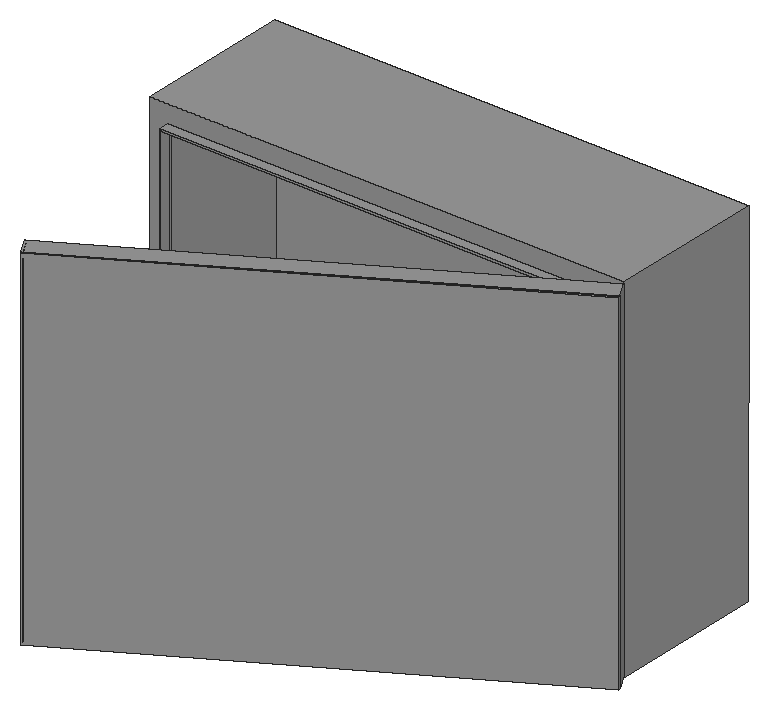
Revit family "Hager-Orion_Inox-IP66-D150-Cl.I-Inox_encl-630A-300mm-NoHosted-PL-pl", category Equipement électrique, Revit 2020
Family settings
  Configuration du panneau = Deux colonnes, circuits au sein
  Cote de connecteur circulaire = Utiliser le diamètre
  Type d'élément = Tableau de raccordement
  Basée sur le plan de construction = Oui
  Toujours verticalement = Oui
  Couper avec des vides une fois chargée = Non
  Partagée = Non
  Point de calcul de pièce = Non
Parameters (values of type "Montaż natynkowy IP66 S400 W300 G150  - FL013BWL")
  Width Control [instance] = if([EF000008 - Szerokość] > Min Width, [EF000008 - Szerokość], Min Width)  # 400 mm
  Commentaires du type = [HG000003 - Zakres]  # "Orion Inox"
  Thickness Door [instance] = if([EF009171 - Drzwi/pokrywa z materiału o wysokiej wytrzymałości mechanicznej] > 3 mm, 3 mm, [EF009171 - Drzwi/pokrywa z materiału o wysokiej wytrzymałości mechanicznej])  # 1.5 mm
  Seal Frame Offset [instance] = 17 mm  # constant formula
  Min Width [instance] = 100 mm  # constant formula
  Min Depth [instance] = (2 * [EF009170 - Obudowa z materiału o wysokiej wytrzymałości mechanicznej]) + 1 mm  # 4 mm
  Min Height [instance] = 100 mm  # constant formula
  Internal Frame Depth [instance] = -(Door System Depth * 0.5)  # -9 mm
  Panel Name [instance] = ""  # (empty or 0)
  Model = ""
  HG000027 - Wysokość cokołu = 0 mm
  HG000026 - Stojąca = no
  HG000024 - Wysokość części dolnej = 600 mm
  HG000023 - Obudowa dwusekcyjna = no
  HG000016 - Widoczność drzwi w widoku 3D [instance] = yes
  HG000015 - Przestrzeń robocza - otwarcie drzwi [instance] = no
  HG000014 - Drzwi prawe [instance] = yes
  HG000013 - Drzwi lewe [instance] = not([HG000014 - Drzwi prawe])  # no
  HG000012 - Kąt otwarcia drzwi [instance] = 30.00°
  HG000010 - Drzwi asymetryczne = no
  HG000009 - Drzwi dwuskrzydłowe = no
  HG000006 - Montaż podtynkowy = no
  HG000004 - Referencja producenta = "FL013BWL"
  HG000003 - Zakres = "Orion Inox"
  HG000002 - Z drzwiami lub pokrywą = yes
  Frame Offset Bottom [instance] = 10 mm  # constant formula
  Frame Offset [instance] = 15 mm  # constant formula
  EF015940 - Pokrywa z wyzwalaczem nadciśnieniowym = no
  EF011959 - Stopień ochrony (NEMA) = ""
  EF009554 - Liczba otworów pod flansze = 0
  EF009212 - Wykonanie pokrywy = "EV000116 - Zamknięty"
  EF009171 - Drzwi/pokrywa z materiału o wysokiej wytrzymałości mechanicznej = 1.5 mm
  EF009170 - Obudowa z materiału o wysokiej wytrzymałości mechanicznej = 1.5 mm
  EF008873 - Prąd znamionowy (In) = 630 A
  EF007800 - Do ochrony odgromowej = no
  EF006306 - Z zamkiem = yes
  EF006244 - Transparentna pokrywa/drzwi = no
  EF005474 - Stopień ochrony (IP) = "EV006422 - IP66"
  EF004464 - Rodzaj drzwi = "EV002646 - Pojedynczy"
  EF004427 - Liczba modułów = 0
  EF004293 - Odporność udarowa = "EV008784 - IK10"
  EF003532 - Do zastosowań zewnętrznych = yes
  EF002950 - Szerokość wyrażona liczbą modułów = 0
  EF001613 - Podtrzymanie funkcji = "EV000494 - Brak"
  EF001596 - Materiał obudowy = "EV000166 - Stal nierdzewna"
  EF001131 - Głębokość wewnętrzna = 116 mm
  EF001088 - Możliwość rozbudowy = yes
  EF000437 - Liczba wejść kablowych = 0
  EF000339 - Rodzaj pokrywy = "EV004216 - Drzwi"
  EF000266 - Liczba rzędów = 0
  EF000218 - Głębokość wbudowania = 0 mm
  EF000118 - Z płytą montażową = no
  EF000116 - Numer RAL = ""
  EF000049 - Głębokość = 150 mm
  EF000040 - Wysokość = 300 mm
  EF000008 - Szerokość = 400 mm
  EF000007 - Kolor = "EV000154 - Inne"
  EF000003 - Sposób montażu = "EV000384 - Montaż natynkowy"
  Door System Leaf Tolerance [instance] = 1.5 mm  # constant formula
  Door System Depth [instance] = 18 mm  # constant formula
  Description = ""
  Default Elevation = 1219.2 mm
  Connector Offset [instance] = Height Control / 2  # 150 mm
  Fabricant = "Hager"  # constant formula
  Height Control [instance] = if([EF000040 - Wysokość] > Min Height, [EF000040 - Wysokość], Min Height)  # 300 mm
  Depth Control [instance] = if([EF000049 - Głębokość] > Min Depth, [EF000049 - Głębokość], Min Depth)  # 150 mm
Types (4, lengths in mm): name | Width Control | HG000004 - Referencja producenta | EF009212 - Wykonanie pokrywy | EF006306 - Z zamkiem | EF001613 - Podtrzymanie funkcji | EF000008 - Szerokość
  Montaż natynkowy IP66 S200 W300 G150  - FL010BW | 200 | "FL010BW" | "EV009916 - Z otworem" | no | "" | 200
  Montaż natynkowy IP66 S200 W300 G150  - FL010BWL | 200 | "FL010BWL" | "EV009916 - Z otworem" | no | "" | 200
  Montaż natynkowy IP66 S400 W300 G150  - FL013BW | 400 | "FL013BW" | "EV000116 - Zamknięty" | yes | "EV000494 - Brak" | 400
  Montaż natynkowy IP66 S400 W300 G150  - FL013BWL | 400 | "FL013BWL" | "EV000116 - Zamknięty" | yes | "EV000494 - Brak" | 400
Reference planes
  plane 1 "Center (Front/Back)": y = 0
  plane 2: z = 0
  plane 3 "Center (Left/Right)": x = 0
  plane 4: y = 0
  plane 5: y = 0
  plane 6: z = 0
  plane 7: x = -200
  plane 8: x = 200
  plane 9: x = 198.5
  plane 10: x = -198.5
  plane 11: z = 0
  plane 12: z = 1.5
  plane 13: y = -150
  plane 14: y = -1.5
  plane 15: x = 0
  plane 16: y = -132
  plane 17: y = -148.5
  plane 18: y = -130.5
  plane 19: x = -183.5
  plane 20: x = 183.5
  plane 21: z = 11.5
  plane 22: x = -183
  plane 23: x = 183
  plane 24: z = 0
  plane 25: z = 300
  plane 26: z = 300
  plane 27: z = 283.5
  plane 28: z = 298.5
Forms (mm)
  Extrusion 1, solid, material "Hager_Stainless_Steel", detail levels medium+fine
    sketch origin (-208.679, -4572, 0) x (-1, 0, 0) y (0, -1, 0)
      loop
        line (-8.679, -4440) -> (-408.679, -4440) -> (-408.679, -4572) -> (-8.679, -4572) -> (-8.679, -4440)
    from 0 to 300
  Extrusion 2, void
    sketch origin (-350.771, -150, 1219.2) x (1, 0, 0) y (0, 0, 1)
      loop
        line (152.271, -920.7) -> (152.271, -1217.7) -> (549.271, -1217.7) -> (549.271, -920.7) -> (152.271, -920.7)
    from -19.5 to -148.5
  Extrusion 3, void
    sketch origin (-290.084, -132, 1219.2) x (1, 0, 0) y (0, 0, 1)
      loop
        line (106.584, -1207.7) -> (473.584, -1207.7) -> (473.584, -935.7) -> (106.584, -935.7) -> (106.584, -1207.7)
    from 0 to -1.5
  Extrusion 4, solid, material "Hager_Stainless_Steel", detail levels fine
    sketch origin (-290.084, -132, 1219.2) x (-1, 0, 0) y (0, 0, 1)
      loop
        line (-473.584, -1207.7) -> (-106.584, -1207.7) -> (-106.584, -935.7) -> (-473.584, -935.7) -> (-473.584, -1207.7)
      loop
        line (-475.084, -1209.2) -> (-105.084, -1209.2) -> (-105.084, -934.2) -> (-475.084, -934.2) -> (-475.084, -1209.2)
    from 0 to -9 <- "Internal Frame Depth"
  Extrusion 5, solid, material "Hager_Stainless_Steel", detail levels coarse
    sketch origin (0, 0, 0) x (1, 0, 0) y (0, 1, 0)
      loop
        line (-200, 0) -> (-200, -150) -> (200, -150) -> (200, 0) -> (-200, 0)
    from 0 to 300 <- "Height Control"
Cuts and joins
  Extrusion 2, Extrusion 3 cuts Extrusion 1
Lines and regions (mm)
  Masking region 1
    outline origin (0, 0, 0) x (1, 0, 0) y (0, 1, 0)
      loop
        line (-200, 0) -> (-200, -150) -> (200, -150) -> (200, 0) -> (-200, 0)
  Masking region 2
    outline origin (-290.084, -132, 1219.2) x (-1, 0, 0) y (0, 0, 1)
      loop
        line (-490.084, -1219.2) -> (-90.084, -1219.2) -> (-90.084, -919.2) -> (-490.084, -919.2) -> (-490.084, -1219.2)
  Masking region 3, detail levels coarse
    outline origin (0, 0, 0) x (0, 1, 0) y (0, 0, 1)
      loop
        line (0, 0) -> (0, 300) -> (-150, 300) -> (-150, 0) -> (0, 0)
  Masking region 4, detail levels medium+fine
    outline origin (0, 0, 594.038) x (0, 1, 0) y (0, 0, 1)
      loop
        line (0, -594.038) -> (0, -294.038) -> (-132, -294.038) -> (-132, -594.038) -> (0, -594.038)
Dimensions and locks
  locked: plane 1 "Center (Front/Back)" to plane 5
  "EF009170 - Obudowa z materiału o wysokiej wytrzymałości mechanicznej": plane 7 to plane 10
  "EF009170 - Obudowa z materiału o wysokiej wytrzymałości mechanicznej": plane 8 to plane 9
  equal spacing: plane 7, plane 3 "Center (Left/Right)", plane 8
  "Width Control": plane 7 to plane 8
  "Depth Control": plane 4 to plane 13
  "EF009170 - Obudowa z materiału o wysokiej wytrzymałości mechanicznej": plane 4 to plane 14
  "Height Control": plane 25 to level
  "EF009170 - Obudowa z materiału o wysokiej wytrzymałości mechanicznej": plane 12 to plane 11
  "EF009170 - Obudowa z materiału o wysokiej wytrzymałości mechanicznej": plane 17 to plane 13
  "EF009170 - Obudowa z materiału o wysokiej wytrzymałości mechanicznej": plane 18 to plane 16
  "Frame Offset Bottom": plane 21 to plane 12
  "Frame Offset": plane 10 to plane 19
  "Frame Offset": plane 9 to plane 20
  "Door System Depth": plane 16 to plane 13
  "Seal Frame Offset": plane 7 to plane 22
  "Seal Frame Offset": plane 8 to plane 23
  "EF009170 - Obudowa z materiału o wysokiej wytrzymałości mechanicznej": plane 26 to plane 28
  "Frame Offset": plane 28 to plane 27
  "Connector Offset": plane 2 to connector elem
  "Thickness Door": cut or joined group of Extrusion 1, Extrusion 2, Extrusion 3 to Extrusion 4 sketch curve
  "Thickness Door": Extrusion 4 sketch curve to plane 19
  "Thickness Door": Extrusion 4 sketch curve to plane 20
  "Thickness Door": Extrusion 4 sketch curve to plane 27
  aligned and locked: plane 12 to Extrusion 2 sketch curve
  aligned and locked: Extrusion 2 sketch curve to plane 9
  aligned and locked: Extrusion 2 sketch curve to plane 10
  aligned and locked: plane 14 to Extrusion 2
  aligned and locked: plane 4 to Extrusion 1 sketch curve
  aligned and locked: plane 8 to Extrusion 1 sketch curve
  aligned and locked: plane 7 to Extrusion 1 sketch curve
  aligned and locked: Extrusion 2 to plane 18
  aligned and locked: plane 19 to Extrusion 3 sketch curve
  aligned and locked: plane 20 to Extrusion 3 sketch curve
  aligned and locked: Extrusion 3 to Extrusion 2
  aligned and locked: Extrusion 3 sketch curve to plane 21
  aligned and locked: plane 3 "Center (Left/Right)" to nested 1
  aligned and locked: Extrusion 1 sketch curve to plane 16
  aligned and locked: Masking region 1 sketch curve to plane 7
  aligned and locked: Masking region 1 sketch curve to plane 5
  aligned and locked: Masking region 1 sketch curve to plane 8
  aligned and locked: Masking region 2 sketch curve to level
  aligned and locked: level to Masking region 3 sketch curve
  aligned and locked: plane 1 "Center (Front/Back)" to Masking region 3 sketch curve
  aligned and locked: plane 13 to Masking region 3 sketch curve
  aligned and locked: Masking region 2 sketch curve to plane 8
  aligned and locked: Masking region 2 sketch curve to plane 7
  aligned and locked: plane 7 to nested 2
  aligned and locked: nested 2 to plane 5
  aligned and locked: plane 5 to Masking region 4 sketch curve
  aligned and locked: plane 26 to Masking region 4 sketch curve
  aligned and locked: Extrusion 5 sketch curve to plane 8
  aligned and locked: Extrusion 5 sketch curve to plane 7
  aligned and locked: Extrusion 5 sketch curve to plane 5
  aligned and locked: plane 27 to Extrusion 3 sketch curve
  aligned and locked: Extrusion 2 sketch curve to plane 28
  aligned and locked: plane 27 to Extrusion 4 sketch curve
  aligned and locked: Extrusion 4 sketch curve to plane 20
  aligned and locked: plane 21 to Extrusion 4 sketch curve
  aligned and locked: Extrusion 4 sketch curve to plane 19
  aligned and locked: Masking region 2 to plane 25
  aligned and locked: Masking region 4 sketch curve to plane 24
  aligned and locked: Masking region 1 to plane 13
  aligned and locked: nested 1 to plane 16
  aligned and locked: Masking region 3 to plane 25
  aligned and locked: Masking region 4 sketch curve to plane 16
  aligned and locked: plane 24 to plane 11
  aligned and locked: plane 26 to plane 25
  aligned and locked: level to plane 24
  aligned and locked: Extrusion 1 to Masking region 3
  aligned and locked: level to nested 1
Automatic sketch dimensions
  Extrusion 5 sketch curve to plane 13 = 0 mm
  plane 27 to Masking region 2 sketch curve = 16.5 mm
  plane 27 to Masking region 3 sketch curve = 16.5 mm
  Masking region 1 sketch curve to plane 13 = 0 mm
  Extrusion 3 sketch curve to plane 21 = 0 mm
  plane 19 to Extrusion 3 sketch curve = 0 mm
  Extrusion 3 sketch curve to plane 20 = 0 mm
Nested families
  nested 1: "EC000058_OrionInox_Door" at (0, -132, 0), Double <- "HG000009 - Drzwi dwuskrzydłowe", Transparent <- "EF006244 - Transparentna pokrywa/drzwi", Angle <- "HG000012 - Kąt otwarcia drzwi", Door_Right <- "HG000014 - Drzwi prawe", Assymetrical <- "HG000010 - Drzwi asymetryczne", Door <- "HG000002 - Z drzwiami lub pokrywą", Width_Ctrl <- "Width Control", 3d_Door <- "HG000016 - Widoczność drzwi w widoku 3D", Clearance <- "HG000015 - Przestrzeń robocza - otwarcie drzwi", Door_Left <- "HG000013 - Drzwi lewe", Width <- "Width Control", Door_Depth <- "Door System Depth", Leaf_Tolerance <- "Door System Leaf Tolerance", Height <- "Height Control", Thickness <- "Thickness Door", type "EC000058_OrionInox_Door", detail levels medium+fine
    with min_wh 4 mm, Width_Ctrl 400 mm, Width 400 mm, Transparent no, Thickness 1.5 mm, Seal_Material Hager_Rubber, Leaf_Width 400 mm, Leaf_Tolerance_External_Sides 0 mm, Leaf_Tolerance 1.5 mm, Leaf_Offset 0 mm, Leaf_Height 297 mm, Leaf_2_Width 400 mm, Leaf_2_Offset 200 mm, Leaf_1_Width 400 mm, Leaf_1_Offset 200 mm, Height_Ctrl 300 mm, Height 300 mm, Glass_Material Hager_Glass, Double_Clearance_Ctrl no, Double no, Door_Right_Ctrl yes, Door_Right yes, Door_Material Hager_Stainless_Steel, Door_Left_Ctrl no, Door_Left no, Door_Depth 18 mm, Door yes, Clearance_Material Hager_Clearance, Clearance_Depth 400 mm, Clearance_Ctrl no, Clearance no, Assymetrical no, Angle 30.00°, 3d_Door yes
  nested 2: "Hager_Enclosure_Symbol" at (-200, 0, 0), Height <- "Depth Control", Width <- "Width Control", type "Hager_Enclosure_Symbol"
    with Width_Ctrl 400 mm, Width 400 mm, Height_Ctrl 150 mm, Height 150 mm, A_Width_Int 9.844 mm, A_Width 118.125 mm, A_Height_Ctrl 131.25 mm, A_Height 131.25 mm
Connectors
  electrical at (0, 0, 150)
    settings: on plane 1 "Center (Front/Back)", index 1, voltage 0 V, apparent load 0 VA, apparent load phase1 0 VA, apparent load phase2 0 VA, apparent load phase3 0 VA, power factor 1, load classification "Other", number of poles 1, system type 30, power factor state 1, is connector primary yes, connector utility no, sub classification motor no, connector description ""
Definition of nested family "EC000058_OrionInox_Door"
  Parameters (values of type "EC000058_OrionInox_Door")
    min_wh [instance] = (2 * Thickness) + 1 mm  # 11 mm
    Width_Ctrl [instance] = 400 mm
    Width [instance] = 500 mm
    Transparent [instance] = yes
    Thickness [instance] = 5 mm
    Seal_Material [instance] = none
    Leaf_Width [instance] = if((Width_Ctrl - 2 * Leaf_Tolerance_External_Sides) > 0 mm, (Width_Ctrl - 2 * Leaf_Tolerance_External_Sides), min_wh)  # 400 mm
    Leaf_Tolerance_External_Sides [instance] = 0 mm  # constant formula
    Leaf_Tolerance [instance] = 1.5 mm
    Leaf_Offset [instance] = 0 mm  # constant formula
    Leaf_Height [instance] = if((Height_Ctrl - 2 * Leaf_Tolerance) > 0 mm, (Height_Ctrl - 2 * Leaf_Tolerance), min_wh)  # 497 mm
    Leaf_2_Width [instance] = if(and(and(Double, Assymetrical), Door_Left), (Leaf_Width / 3) - (Leaf_Tolerance / 2), if(and(and(Double, Assymetrical), Door_Right), (Leaf_Width / 3) * 2 - (Leaf_Tolerance / 2), if(and(Double, not(Assymetrical)), (Leaf_Width / 2) - Leaf_Tolerance, Leaf_Width)))  # 400 mm
    Leaf_2_Offset [instance] = if(and(Double, Assymetrical), Leaf_2_Width / 2, if(and(Double, not(Assymetrical)), Leaf_Width / 4, Leaf_Width / 2))  # 200 mm
    Leaf_1_Width [instance] = if(and(and(Double, Assymetrical), Door_Right), (Leaf_Width / 3) - (Leaf_Tolerance / 2), if(and(and(Double, Assymetrical), Door_Left), (Width / 3) * 2 - (Leaf_Tolerance / 2), if(and(Double, not(Assymetrical)), (Leaf_Width / 2) - Leaf_Tolerance, Leaf_Width)))  # 400 mm
    Leaf_1_Offset [instance] = if(and(Double, Assymetrical), Leaf_1_Width / 2, if(and(Double, not(Assymetrical)), Leaf_Width / 4, Leaf_Width / 2))  # 200 mm
    Height_Ctrl [instance] = if(Height > min_wh, Height, min_wh)  # 500 mm
    Height [instance] = 500 mm
    Glass_Material [instance] = none
    Double_Clearance_Ctrl [instance] = and(Double, Clearance)  # no
    Double [instance] = no
    Door_Right_Ctrl [instance] = and(or(Door_Right, Double), Door)  # yes
    Door_Right [instance] = yes
    Door_Material [instance] = none
    Door_Left_Ctrl [instance] = and(or(Door_Left, Double), Door)  # no
    Door_Left [instance] = no
    Door_Depth [instance] = 30 mm
    Door [instance] = yes
    Default Elevation = 1219.2 mm
    Clearance_Material [instance] = none
    Clearance_Depth [instance] = if(Leaf_1_Width > Leaf_2_Width, Leaf_1_Width, Leaf_2_Width)  # 400 mm
    Clearance_Ctrl [instance] = and(not(Double), Clearance)  # yes
    Clearance [instance] = yes
    Assymetrical [instance] = yes
    Angle [instance] = 30.00°
    3d_Door [instance] = yes
  Reference planes
    plane 1 "Center (Front/Back)": y = 0
    plane 2 "Bottom": z = 0
    plane 3 "Center (Left/Right)": x = 0
    plane 4: z = 500
    plane 5: x = -200
    plane 6: x = 200
    plane 7: z = 500
    plane 8: x = -200
    plane 9: z = 0
    plane 10: x = 200
    plane 11: y = 0
    plane 12: z = 1.5
    plane 13: x = -600
    plane 14: y = -400
    plane 15: x = 600
    plane 16: x = 0
    plane 17: x = 0
    plane 18: x = -200
    plane 19: x = 200
    plane 20: z = 498.5
  Forms (mm)
    Extrusion 1, solid, material <- "Clearance_Material", visible <- "Double_Clearance_Ctrl"
      sketch origin (1200, 0, 0) x (1, 0, 0) y (0, 0, -1)
        loop
          line (-1800, -498.5) -> (-600, -498.5) -> (-600, 0) -> (-1800, 0) -> (-1800, -498.5)
      from 0 to -400
  Dimensions and locks
    equal spacing: plane 5, plane 3 "Center (Left/Right)", plane 6
    "Width_Ctrl": plane 5 to plane 6
    "Leaf_Offset": plane 5 to plane 8
    "Leaf_Offset": plane 6 to plane 10
    "Leaf_Offset": plane 9 to level
    "Leaf_Offset": plane 4 to plane 7
    "Height_Ctrl": plane 4 to level
    "Leaf_Tolerance": plane 12 to plane 9
    locked: plane 11 to plane 1 "Center (Front/Back)"
    "Leaf_1_Offset": plane 18 to plane 16
    "Leaf_2_Offset": plane 17 to plane 19
    "Leaf_1_Width": plane 13 to plane 8
    "Leaf_2_Width": plane 10 to plane 15
    "Clearance_Depth": plane 14 to plane 1 "Center (Front/Back)"
    "Leaf_Tolerance_External_Sides": plane 8 to plane 18
    "Leaf_Tolerance_External_Sides": plane 19 to plane 10
    "Leaf_Tolerance": plane 7 to plane 20
    aligned and locked: level to plane 2 "Bottom"
    aligned and locked: nested 1 to plane 16
    aligned and locked: nested 2 to plane 17
    aligned and locked: Extrusion 1 to plane 13
    aligned and locked: plane 15 to Extrusion 1
    aligned and locked: Extrusion 1 to plane 14
    aligned and locked: plane 12 to nested 1
    aligned and locked: nested 2 to plane 12
    aligned and locked: Extrusion 1 to plane 11
    aligned and locked: plane 20 to Extrusion 1
    aligned and locked: nested 2 to plane 11
    aligned and locked: nested 1 to plane 11
  Automatic sketch dimensions
    Extrusion 1 sketch curve to level = 0 mm
    plane 5 to Extrusion 1 sketch curve = 400 mm
    plane 6 to Extrusion 1 sketch curve = 400 mm
    Extrusion 1 sketch curve to plane 4 = 1.5 mm
  Nested families
    nested 1: "EC000058_OrionInox_Door_Leaf" at (0, 0, 1.5), Width <- "Leaf_1_Width", visible <- "Door_Left_Ctrl", Leaf_Height <- "Leaf_Height", Angle <- "Angle", 3d_Door <- "3d_Door", Transparent <- "Transparent", Clearance Material <- "Clearance_Material", Clearance <- "Clearance_Ctrl", Door_Material <- "Door_Material", Glass_Material <- "Glass_Material", Door_Depth <- "Door_Depth", Seal_Material <- "Seal_Material", Thickness <- "Thickness", type "EC000058_OrionInox_Door_Leaf"
      with Width 400 mm, Transparent_Ctrl yes, Transparent yes, Thickness 5 mm, Standard no, Seal_Material none, Seal_D2 8 mm, Seal_D1 1 mm, Offset_Internal_Frame 10 mm, Lock_Width 28 mm, Lock_Thickness 2 mm, Lock_Radius 6 mm, Leaf_Height 497 mm, Internal_Seal_Thickness 8 mm, Internal_Seal_Depth_2 4.5 mm, Internal_Frame_Depth 25 mm, Glass_Thickness -1 mm, Glass_Offset -2 mm, Glass_Material none, Door_Material none, Door_Depth 30 mm, Clearance Material none, Clearance yes, Angle_Ctrl 30.00°, Angle 30.00°, 3d_Door yes
    nested 2: "EC000058_OrionInox_Door_Leaf" at (0, 0, 1.5) x (-1, 0, 0) z (0, 0, 1), Width <- "Leaf_2_Width", visible <- "Door_Right_Ctrl", Leaf_Height <- "Leaf_Height", Angle <- "Angle", 3d_Door <- "3d_Door", Transparent <- "Transparent", Clearance Material <- "Clearance_Material", Clearance <- "Clearance_Ctrl", Door_Material <- "Door_Material", Glass_Material <- "Glass_Material", Door_Depth <- "Door_Depth", Seal_Material <- "Seal_Material", Thickness <- "Thickness", type "EC000058_OrionInox_Door_Leaf"
      with Width 400 mm, Transparent_Ctrl yes, Transparent yes, Thickness 5 mm, Standard no, Seal_Material none, Seal_D2 8 mm, Seal_D1 1 mm, Offset_Internal_Frame 10 mm, Lock_Width 28 mm, Lock_Thickness 2 mm, Lock_Radius 6 mm, Leaf_Height 497 mm, Internal_Seal_Thickness 8 mm, Internal_Seal_Depth_2 4.5 mm, Internal_Frame_Depth 25 mm, Glass_Thickness -1 mm, Glass_Offset -2 mm, Glass_Material none, Door_Material none, Door_Depth 30 mm, Clearance Material none, Clearance yes, Angle_Ctrl 30.00°, Angle 30.00°, 3d_Door yes
  Definition of nested family "EC000058_OrionInox_Door_Leaf"
    Parameters (values of type "EC000058_OrionInox_Door_Leaf")
      Width [instance] = 450 mm
      Transparent_Ctrl [instance] = and(Transparent, [3d_Door])  # yes
      Transparent [instance] = yes
      Thickness [instance] = 5 mm
      Standard [instance] = and(not(Transparent), [3d_Door])  # no
      Seal_Material [instance] = none
      Seal_D2 [instance] = 8 mm  # constant formula
      Seal_D1 [instance] = 1 mm  # constant formula
      Offset_Internal_Frame [instance] = 10 mm  # constant formula
      Lock_Width [instance] = Door_Depth - Lock_Thickness  # 28 mm
      Lock_Thickness [instance] = 2 mm  # constant formula
      Lock_Radius [instance] = 6 mm  # constant formula
      Leaf_Height [instance] = 450 mm
      Internal_Seal_Thickness [instance] = 8 mm  # constant formula
      Internal_Seal_Depth_2 [instance] = 4.5 mm  # constant formula
      Internal_Frame_Depth [instance] = if(Door_Depth - Thickness > 5 mm, Door_Depth - Thickness, 5 mm)  # 25 mm
      Glass_Thickness [instance] = if(Thickness > 15 mm, Glass_Offset + 10 mm, -1 mm)  # -1 mm
      Glass_Offset [instance] = if(Thickness > 15 mm, -(Thickness + 10 mm) / 2, -2 mm)  # -2 mm
      Glass_Material [instance] = none
      Door_Material [instance] = none
      Door_Depth [instance] = 30 mm
      Default Elevation = 0 mm
      Clearance Material [instance] = none
      Clearance [instance] = yes
      Angle_Ctrl [instance] = if(Angle > 180.00°, 180.00°, Angle)  # 90.00°
      Angle [instance] = 90.00°
      3d_Door [instance] = yes
    Reference planes
      plane 1 "Center (Front/Back)": y = 0
      plane 2: z = 0
      plane 3 "Center (Left/Right)": x = 0
      plane 4: y = 450
      plane 5: x = -225
      plane 6: x = 225
      plane 7: x = -675
      plane 8: z = 450
      plane 9: z = 30
      plane 10: z = 420
      plane 11: x = 195
      plane 12: x = -195
      plane 13: y = -3
      plane 14: z = 107.833
      plane 15: y = -5
      plane 16: y = -223.314
      plane 17: x = -225
      plane 18: y = 30
    Forms (mm)
      Extrusion 1, solid, material <- "Clearance Material", visible <- "Clearance"
        sketch origin (0, 0, 0) x (1, 0, 0) y (0, 0, 1)
          loop
            line (-675, 450) -> (-675, 0) -> (225, 0) -> (225, 450) -> (-675, 450)
        from 0 to -450
      Extrusion 2, solid, material <- "Door_Material", visible <- "Standard", detail levels medium+fine
        sketch origin (-225, 0, 0) x (0, 1, 0) y (-1, 0, 0)
          loop
            line (0, 30) -> (0, 25) -> (450, 25) -> (450, 30) -> (0, 30)
        from 0 to 450 <- "Leaf_Height"
      Extrusion 3, solid, material <- "Door_Material", visible <- "Transparent_Ctrl", detail levels medium+fine
        sketch origin (-225, 0, 0) x (0, 1, 0) y (-1, 0, 0)
          loop
            line (0, 25) -> (450, 25) -> (450, 30) -> (0, 30) -> (0, 25)
        from 0 to 450 <- "Leaf_Height"
      Extrusion 4, void
        sketch origin (-250, 450, 0) x (0, 1, 0) y (0, 0, -1)
          loop
            line (-30, -420) -> (-30, -30) -> (-420, -30) -> (-420, -420) -> (-30, -420)
        from 0 to 5 <- "Thickness"
      Sweep 5, solid, material <- "Seal_Material", visible <- "Transparent_Ctrl", detail levels fine
        path in 3D
          loop
            line (-250, 30, 30) -> (-250, 30, 420) -> (-250, 420, 420) -> (-250, 420, 30) -> (-250, 30, 30)
        profile origin (-250, 225, 30) x (1, 0, 0) y (0, 0, 1)
          loop
            line (0, 0) -> (0, -8) -> (1, -8) -> (1, 0) -> (0, 0)
      Extrusion 6, solid, material <- "Glass_Material", visible <- "Transparent_Ctrl", detail levels medium+fine
        sketch origin (-255, 0, 0) x (0, 1, 0) y (0, 0, -1)
          loop
            line (420, -420) -> (420, -30) -> (30, -30) -> (30, -420) -> (420, -420)
        from -2 <- "Glass_Offset" to -1 <- "Glass_Thickness"
      Extrusion 7, solid, material <- "Door_Material", visible <- "3d_Door", detail levels medium+fine
        sketch origin (-250, 450, 0) x (0, -1, 0) y (0, 0, -1)
          loop
            line (0, -450) -> (450, -450) -> (450, 0) -> (0, 0) -> (0, -450)
          loop
            line (445, -5) -> (5, -5) -> (5, -445) -> (445, -445) -> (445, -5)
        from 0 to 25 <- "Internal_Frame_Depth"
      Sweep 8, solid, material <- "Seal_Material", visible <- "Transparent_Ctrl", detail levels fine
        path in 3D
          loop
            line (-250, 0, 0) -> (-250, 450, 0) -> (-250, 450, 450) -> (-250, 0, 450) -> (-250, 0, 0)
        profile origin (-250, 0, 225) x (1, 0, 0) y (0, 1, 0)
          loop
            line (0, 10) -> (2.975, 10)
            arc (2.975, 10) -> (4.053, 10.447) -> (4.5, 11.525) r 1.525
            line (4.5, 11.525) -> (4.5, 16.527)
            arc (4.5, 16.527) -> (4.069, 17.569) -> (3.027, 18) r 1.473
            line (3.027, 18) -> (0, 18) -> (0, 10)
    Cuts and joins
      Extrusion 4 cuts Extrusion 3
    Lines and regions (mm)
      Masking region 1, detail levels medium+fine
        outline origin (0, 0, 0) x (0, 1, 0) y (0, 0, 1)
          loop
            line (0, 0) -> (30, 0) -> (30, 450) -> (0, 450) -> (0, 0)
      Masking region 2, detail levels medium+fine
        outline origin (0, 0, 0) x (1, 0, 0) y (0, 0, 1)
          loop
            line (-225, 450) -> (-225, 0) -> (225, 0) -> (225, 450) -> (-225, 450)
      symbolic lines
        curve 1: line (225, 0, 0) -> (-675, 0, 0)
        curve 2: arc (225, 0, 0) -> (-225, 450, 0) -> (-675, 0, 0) r 450
        curve 4: line (-255, 0, 0) -> (-255, 450, 0)
      reference lines
        curve 3: line (-225, 0, 0) -> (-225, 450, 0)
      symbolic lines, detail levels medium+fine
        curve 5: line (-255, 450, 0) -> (-250, 450, 0)
        curve 7: line (-250, 0, 0) -> (-255, 0, 0)
        curve 8: line (-250, 0, 0) -> (-225, 0, 0)
        curve 9: line (-225, 0, 0) -> (-225, 450, 0)
        curve 10: line (-225, 450, 0) -> (-250, 450, 0)
      symbolic lines, detail levels fine
        curve 6: line (-250, 450, 0) -> (-250, 0, 0)
      sketch lines
        curve 11: line (-250, 0, 450) -> (-250, 0, 0)
        curve 12: line (-250, 450, 0) -> (-250, 0, 0)
        curve 13: line (-250, 450, 450) -> (-250, 450, 0)
        curve 14: line (-250, 0, 450) -> (-250, 450, 450)
        curve 15: line (-250, 420, 30) -> (-250, 30, 30)
        curve 16: line (-250, 30, 30) -> (-250, 30, 420)
        curve 17: line (-250, 420, 420) -> (-250, 420, 30)
        curve 18: line (-250, 30, 420) -> (-250, 420, 420)
      symbolic lines, visible <- "Transparent", detail levels medium+fine
        curve 19: line (-195, 0, 420) -> (195, 0, 420)
        curve 20: line (-195, 0, 30) -> (-195, 0, 420)
        curve 21: line (195, 0, 30) -> (-195, 0, 30)
        curve 22: line (195, 0, 420) -> (195, 0, 30)
    Dimensions and locks
      "Width": plane 1 "Center (Front/Back)" to plane 4
      equal spacing: plane 5, plane 3 "Center (Left/Right)", plane 6
      "Width": plane 5 to plane 6
      "Width": plane 7 to plane 5
      "Leaf_Height": plane 8 to level
      "Width": curve 5 to curve 3
      "Width": curve 3 to curve 3
      plane 8 to plane 10 = 30 mm
      plane 9 to level = 30 mm
      plane 12 to plane 5 = 30 mm
      plane 6 to plane 11 = 30 mm
      Extrusion 4 sketch curve to Extrusion 3 = 30 mm
      Extrusion 3 to Extrusion 4 sketch curve = 30 mm
      Extrusion 1 to Extrusion 4 sketch curve = 30 mm
      curve 3 to Extrusion 4 sketch curve = 30 mm
      Extrusion 4 sketch curve to cut or joined group of Extrusion 3, Extrusion 4 = 30 mm
      cut or joined group of Extrusion 3, Extrusion 4 to Extrusion 6 sketch curve = 30 mm
      cut or joined group of Extrusion 3, Extrusion 4 to Extrusion 4 sketch curve = 30 mm
      "Thickness": curve 6 to curve 4
      "Thickness": Extrusion 7 sketch curve to Extrusion 7 sketch curve  (x4)
      "Door_Depth": curve 4 to curve 3
      "Offset_Internal_Frame": profile plane to Sweep 8 sketch curve
      "Internal_Seal_Thickness": Sweep 8 sketch curve to Sweep 8 sketch curve
      "Internal_Seal_Depth_2": profile plane to Sweep 8 sketch curve
      "Seal_D1": profile plane to Sweep 5 sketch curve
      "Seal_D2": profile plane to Sweep 5 sketch curve
      "Thickness": Extrusion 2 sketch curve to Extrusion 2 sketch curve
      "Door_Depth": plane 18 to plane 1 "Center (Front/Back)"
      radius of Sweep 8 sketch curve = 1.525 mm
      radius of Sweep 8 sketch curve = 1.473 mm
      "Angle_Ctrl": angle plane 1 "Center (Front/Back)" to curve 3
      aligned and locked: level to plane 2
      aligned and locked: Extrusion 1 to curve 1
      aligned and locked: plane 6 to Extrusion 1
      aligned and locked: plane 1 "Center (Front/Back)" to Extrusion 1
      aligned and locked: plane 4 to Extrusion 1
      aligned and locked: plane 8 to Extrusion 1
      aligned and locked: curve 7 to Extrusion 2 sketch curve
      aligned and locked: curve 5 to Extrusion 2 sketch curve
      aligned and locked: curve 7 to Extrusion 3 sketch curve
      aligned and locked: Extrusion 3 sketch curve to curve 4
      aligned and locked: Extrusion 3 sketch curve to curve 6
      aligned and locked: Extrusion 3 sketch curve to curve 5
      aligned and locked: curve 9 to curve 3
      aligned and locked: Extrusion 7 sketch curve to cut or joined group of Extrusion 3, Extrusion 4  (x4)
      aligned and locked: plane 17 to curve 3
      aligned and locked: plane 1 "Center (Front/Back)" to curve 3
      aligned and locked: plane 17 to plane 5
      aligned and locked: Sweep 8 sketch curve to profile plane
      aligned and locked: Sweep 5 sketch curve to profile plane  (x2)
      aligned and locked: plane 1 "Center (Front/Back)" to Masking region 1 sketch curve
      aligned and locked: plane 18 to Masking region 1 sketch curve
      aligned and locked: level to Masking region 1 sketch curve
      aligned and locked: Masking region 1 sketch curve to plane 8
      aligned and locked: plane 17 to Masking region 2 sketch curve
      aligned and locked: level to Masking region 2 sketch curve
      aligned and locked: Masking region 2 sketch curve to plane 8
      aligned and locked: plane 12 to curve 20
      aligned and locked: plane 10 to curve 19
      aligned and locked: plane 11 to curve 22
      aligned and locked: plane 9 to curve 21
      aligned and locked: Extrusion 2 sketch curve to cut or joined group of Extrusion 3, Extrusion 4
    Automatic sketch dimensions
      plane 1 "Center (Front/Back)" to curve 2 = 0 mm
      curve 2 to plane 5 = 0 mm
      Extrusion 1 sketch curve to level = 0 mm
      Extrusion 1 sketch curve to plane 7 = 0 mm
      Extrusion 1 sketch curve to plane 6 = 0 mm
      Extrusion 1 sketch curve to plane 8 = 0 mm
      Extrusion 3 to Extrusion 6 sketch curve = 30 mm  (x4)
      Masking region 2 sketch curve to plane 6 = 0 mm
      curve 4 to curve 3 = 0 mm
Definition of nested family "Hager_Enclosure_Symbol"
  Parameters (values of type "Hager_Enclosure_Symbol")
    Width_Ctrl [instance] = if(Width > 1 mm, Width, 1 mm)  # 102.27 mm
    Width [instance] = 102.27 mm
    Height_Ctrl [instance] = if(Height > 1 mm, Height, 1 mm)  # 66.5 mm
    A_Width_Int [instance] = if(A_Width / 12 > 2 mm, A_Width / 12, 2 mm)  # 4.364 mm
    A_Width [instance] = if(A_Height_Ctrl * 0.9 > 2 mm, A_Height_Ctrl * 0.9, 2 mm)  # 52.369 mm
    A_Height_Ctrl [instance] = if(A_Height > 2 mm, A_Height, 2 mm)  # 58.188 mm
    Height [instance] = 66.5 mm
    A_Height [instance] = Height - (Height / 8)  # 58.188 mm
  Reference planes
    plane 1 "Centre (avant/arrière)": y = 0
    plane 2: z = 0
    plane 3 "Centre (gauche/droite)": x = 0
    plane 4: x = 52.369
    plane 5: y = 33.042
    plane 6: y = 41.77
    plane 7: y = 66.5
    plane 8: x = 26.184
    plane 9: y = 37.406
    plane 10: x = 102.27
    plane 11: y = 66.5
    plane 12: y = 8.313
  Lines and regions (mm)
    Filled region 1, type "Solid_Black", in view "Niveau de réf."
      outline origin (0, 0, 0) x (1, 0, 0) y (0, 1, 0)
        loop
          line (52.369, 66.5) -> (33.188, 54.536) -> (45.365, 45.006) -> (52.369, 66.5)
    Filled region 2, type "Solid_Black", in view "Niveau de réf."
      outline origin (0, 0, 0) x (1, 0, 0) y (0, 1, 0)
        loop
          line (0, 0) -> (102.27, 0) -> (102.27, 66.5) -> (0, 0)
    detail lines, in view "Niveau de réf."
      curve 1: line (0, 8.313, 0) -> (26.184, 41.77, 0)
      curve 2: line (26.184, 41.77, 0) -> (26.184, 33.042, 0)
      curve 3: line (26.184, 33.042, 0) -> (52.369, 66.5, 0)
  Dimensions and locks
    "A_Width": plane 3 "Centre (gauche/droite)" to plane 4
    equal spacing: plane 3 "Centre (gauche/droite)", plane 8, plane 4
    equal spacing: plane 6, plane 9, plane 5
    equal spacing: curve 3, Filled region 1 sketch curve, Filled region 1 sketch curve
    "Height_Ctrl": plane 1 "Centre (avant/arrière)" to plane 11
    "A_Height_Ctrl": plane 11 to plane 12
    equal spacing: plane 11, plane 9, plane 12
    "A_Width_Int": plane 6 to plane 9
    "Width_Ctrl": plane 3 "Centre (gauche/droite)" to plane 10
    angle Filled region 1 sketch curve to curve 3 = 20.00°
    angle curve 3 to Filled region 1 sketch curve = 20.00°
    locked: curve 3 to Filled region 1 sketch curve (angle 90.00°)
    aligned and locked: plane 10 to Filled region 2
    aligned and locked: plane 11 to Filled region 2 sketch curve
    aligned and locked: plane 10 to Filled region 2 sketch curve
    aligned and locked: plane 3 "Centre (gauche/droite)" to curve 1
    aligned and locked: plane 12 to curve 1
    aligned and locked: plane 7 to plane 11
  Automatic sketch dimensions
    Filled region 1 sketch curve to plane 4 = 0 mm
    Filled region 1 sketch curve to plane 7 = 0 mm
    plane 1 "Centre (avant/arrière)" to Filled region 2 sketch curve = 0 mm
    Filled region 2 sketch curve to plane 3 "Centre (gauche/droite)" = 0 mm
    curve 2 to plane 6 = 0 mm
    curve 2 to plane 8 = 0 mm
    curve 3 to plane 4 = 0 mm
    curve 2 to plane 5 = 0 mm
    curve 3 to plane 7 = 0 mm
